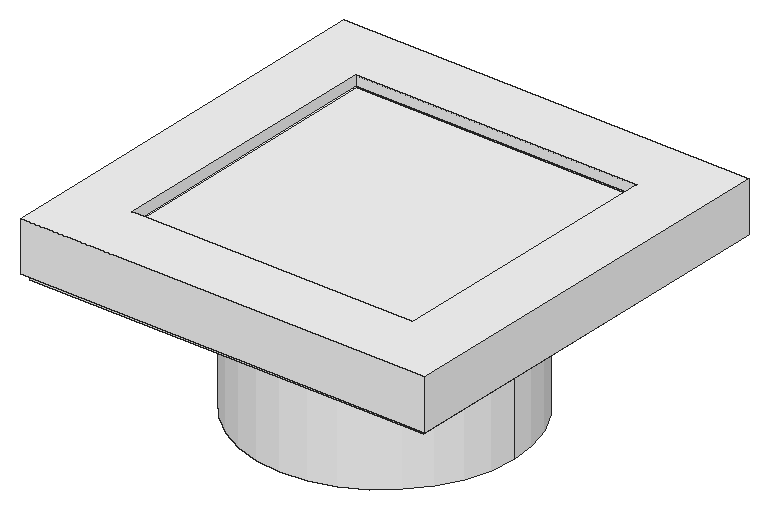
Revit family "Gira_2003600", category Electrical Fixtures, host Face, Revit 2017
Family settings
  Host = Face
  Maintain Annotation Orientation = Yes
  Round Connector Dimension = Use Diameter
  Part Type = Normal
  Cut with Voids When Loaded = No
  Shared = No
  Room Calculation Point = No
Parameters (values of type "PB sens.2 3-g 24 V zero-volt. in.sp. System 55 stainl.steel")
  With room temperature controller = no
  With label area = yes
  With display = no
  With anti-theft/dismantling protection = no
  With IR sensor = no
  White [instance] = White
  URL = "https://www.gira.de/"
  Type Comments = ""
  Transparent = no
  Surface protection = "Lacquered"
  Surface finishing = "Not applicable"
  Number of buttons = 3
  Number of actuation points = 6
  Model = ""
  Material quality = "Sonstige (*de-DE)"
  Material = "Sonstige (*de-DE)"
  Manufacturer = "Gira"
  Keynote = ""
  HeinzeBIM = "https://www.heinze.de/bim/pb-sens-2-3-g-24-v-zero-volt-in-sp-system-55-stainl-steel/c37665e588a4d1d6b732b5195e1232502ac65da8"
  HAN = "2003600"
  GTIN = "4010337020363"
  Description = "PB sens.2 3g 24V z-v in.sp. Sys55 SST Pushbutton sensor 2, 3-gang 24 V zero-voltage with inscription space,Stainless steel Features: Pushbutton sensor 2 for connection to 24 V control systems: - Three rockers with two red LEDs each for status display. - Disassembly safeguard by screw connection. - Backlighting. - Connection of six buttons, six LEDs, and backlighting via the terminal block on the rear.,Notes : - Suitable for SELV circuits only. - Can also be connected with illumination. - Professional labelling with the Gira Inscription Service www.marking.gira.com."
  Default Elevation = 1219.2 mm
  Cost = 0
  Colour = "Stainless steel"
  Bus connection included = no
  BIMSITE_PRODUCT_ID = "c37665e588a4d1d6b732b5195e1232502ac65da8"
  BIM = "https://media.live.bim.site/t/eyJhbGciOiJIUzI1NiIsInR5cCI6IkpXVCJ9.eyJjdCI6MSwidGYiOiJwdWJsaWMvZ2lyYS8wOWY1ZGI1L1N5czU1X0tvbXBsZXR0Z2Vyw6R0X1NjaGFsdGVuIHVuZCBUYXN0ZW4ucmZhIiwiY2lkIjoiZmVkOThlOWEtMWJkOC00YzY4LWE3M2ItNzRhOTRlMzE1ODIzIiwicmlkIjoiZjk3ZjczYmZkMzM0NWE1OTY0MjBkM2FmOWY3MWVhOWYiLCJwaWQiOiJjMzc2NjVlNTg4YTRkMWQ2YjczMmI1MTk1ZTEyMzI1MDJhYzY1ZGE4Iiwic2lkIjoiNjM0NzAiLCJ1dCI6NSwibGMiOiJlbiIsImlhdCI6MTYwNzQzMTc2NiwiaXNzIjoiaHR0cHM6Ly9hcGkubGl2ZS5iaW0uc2l0ZSIsInN1YiI6IjhkM2FhNWNiLWUwNjYtNDU5OC1iZTE2LTZlMTZlZTc0OTU2YSJ9.SWsZ5j8KyAsShiiBd98lD5KUzltuc6X3JwjBg8e39c4/Sys55_Komplettgerät_Schalten und Tasten.rfa"
  Assembly Code = ""
Reference planes
  plane 1 "Center (Front/Back)": y = 0
  plane 2: z = 0
  plane 3 "Center (Left/Right)": x = 0
Forms (mm)
  Extrusion 1, solid, material "White" <- "White", detail levels medium
    sketch origin (0, 0, 0) x (1, 0, 0) y (0, 1, 0)
      loop
        line (-40.4, 40.4) -> (-40.4, -40.4) -> (40.4, -40.4) -> (40.4, 40.4) -> (-40.4, 40.4)
      loop
        line (-28, 28) -> (-28, -28) -> (28, -28) -> (28, 28) -> (-28, 28)
    from 0 to 10
  Extrusion 2, solid, material "White" <- "White", detail levels fine
    sketch origin (0, 0, 0) x (1, 0, 0) y (0, 1, 0)
      loop
        line (-40.4, 40.4) -> (-40.4, -40.4) -> (40.4, -40.4) -> (40.4, 40.4) -> (-40.4, 40.4)
      loop
        line (-28, 28) -> (-28, -28) -> (28, -28) -> (28, 28) -> (-28, 28)
    from 0 to 10
  Extrusion 3, void
    sketch origin (0, 0, 0) x (1, 0, 0) y (0, 1, 0)
      loop
        line (-38.4, 38.4) -> (-38.4, -38.4) -> (38.4, -38.4) -> (38.4, 38.4) -> (-38.4, 38.4)
    from 0 to 8
  Extrusion 4, solid, material "White" <- "White", detail levels medium+fine
    sketch origin (0, 0, 0) x (1, 0, 0) y (0, 1, 0)
      loop
        line (-39.4, 39.4) -> (-39.4, -39.4) -> (39.4, -39.4) -> (39.4, 39.4) -> (-39.4, 39.4)
    from 0 to -1
  Extrusion 5, solid, material "White" <- "White", detail levels medium+fine
    sketch origin (0, 0, 0) x (1, 0, 0) y (0, 1, 0)
      loop
        line (-35.5, 35.5) -> (-35.5, -35.5) -> (35.5, -35.5) -> (35.5, 35.5) -> (-35.5, 35.5)
    from -2 to -3
  Extrusion 6, solid, material "White" <- "White", detail levels medium+fine
    sketch origin (0, 0, 0) x (1, 0, 0) y (0, 1, 0)
      loop
        circle (0, 0) r 26
    from 0 to -27.5
  Extrusion 7, solid, material "White" <- "White", detail levels coarse
    sketch origin (0, 0, 0) x (1, 0, 0) y (0, 1, 0)
      loop
        line (-40.4, 40.4) -> (-40.4, -40.4) -> (40.4, -40.4) -> (40.4, 40.4) -> (-40.4, 40.4)
    from -27.5 to 10
Cuts and joins
  Extrusion 3 cuts Extrusion 2
Dimensions and locks
  aligned and locked: plane 2 to host face
  aligned and locked: level to host face
  aligned and locked: plane 3 "Center (Left/Right)" to nested 2
  aligned and locked: plane 1 "Center (Front/Back)" to nested 2
Nested families
  nested 1: "Sys55_Abdeckung_Schalten und Tasten_floor_base" at (0, 0, 0), type "Sys55_Abdeckung_Schalten und Tasten_floor_base"
  nested 2: "Schalter" at (0, 0, 0), type "Schalter"
Connectors
  electrical at (0, 0, -27.5)
    settings: on Extrusion 6, index 1, voltage 220 V, apparent load 0 VA, apparent load phase1 0 VA, apparent load phase2 0 VA, apparent load phase3 0 VA, power factor 1, load classification "Other", number of poles 1, system type 30, power factor state 1, is connector primary yes, connector utility no, sub classification motor no, connector description ""
Definition of nested family "Sys55_Abdeckung_Schalten und Tasten_floor_base"
  Parameters
    Default Elevation = 1219.2 mm
    White [instance] = none
  Reference planes
    plane 1 "Center (Front/Back)": y = 0
    plane 2: z = 0
    plane 3 "Center (Left/Right)": x = 0
  Forms (mm)
    Extrusion 1, solid
      sketch origin (0, 0, 0) x (1, 0, 0) y (0, 1, 0)
        loop
          line (-1219.2, 1219.2) -> (-1219.2, -1219.2) -> (1219.2, -1219.2) -> (1219.2, 1219.2) -> (-1219.2, 1219.2)
      from 0 to -304.8
    Extrusion 2, solid, material <- "White", detail levels fine
      sketch origin (0, 0, 0) x (1, 0, 0) y (0, 1, 0)
        loop
          line (-27.5, 27.5) -> (-27.5, -27.5) -> (27.5, -27.5) -> (27.5, 27.5) -> (-27.5, 27.5)
      from 0 to 8
    Extrusion 3, void
      sketch origin (0, 0, 0) x (1, 0, 0) y (0, 1, 0)
        loop
          line (26, 26) -> (-26, 26) -> (-26, -26) -> (26, -26) -> (26, 26)
      from 0 to 6
    Extrusion 4, solid, material <- "White", detail levels medium
      sketch origin (0, 0, 0) x (1, 0, 0) y (0, 1, 0)
        loop
          line (-27.5, 27.5) -> (-27.5, -27.5) -> (27.5, -27.5) -> (27.5, 27.5) -> (-27.5, 27.5)
      from 0 to 8
    Extrusion 5, solid, material <- "White", detail levels medium
      sketch origin (0, 0, 0) x (1, 0, 0) y (0, 1, 0)
        loop
          line (11, -17.5) -> (11, 17.5) -> (-11, 17.5) -> (-11, -17.5) -> (11, -17.5)
      from -6 to 6
    Extrusion 6, solid, material <- "White", detail levels fine
      sketch origin (0, 0, 0) x (1, 0, 0) y (0, 1, 0)
        loop
          line (11, 17.5) -> (-11, 17.5) -> (-11, 16.5) -> (11, 16.5) -> (11, 17.5)
        loop
          line (-11, -16.5) -> (-11, -17.5) -> (11, -17.5) -> (11, -16.5) -> (-11, -16.5)
      from -4 to 6
    Extrusion 7, solid, material <- "White", detail levels fine
      sketch origin (0, 0, 0) x (1, 0, 0) y (0, 1, 0)
        loop
          arc (5, 9.347) -> (0, 10.6) -> (-5, 9.347) r 10.6
          line (-5, 9.347) -> (-5, -9.347)
          arc (-5, -9.347) -> (0, -10.6) -> (5, -9.347) r 10.6
          line (5, -9.347) -> (5, 9.347)
      from -6 to 6
    Extrusion 8, solid, material <- "White", detail levels coarse
      sketch origin (0, 0, 0) x (1, 0, 0) y (0, 1, 0)
        loop
          line (-27.5, 27.5) -> (-27.5, -27.5) -> (27.5, -27.5) -> (27.5, 27.5) -> (-27.5, 27.5)
      from -6 to 8
  Cuts and joins
    Extrusion 3 cuts Extrusion 2
  Dimensions and locks
    aligned and locked: plane 2 to Extrusion 1
    aligned and locked: level to Extrusion 1
Definition of nested family "Schalter"
  Reference planes
    plane 1: y = 0
    plane 2: x = 0
  Lines and regions (mm)
    detail lines
      curve 1: circle (1.375, 2.778, 0) r 0.8 normal (0, 0, 1)
      curve 2: line (1.021, 2.061, 0) -> (0, 0, 0)
      curve 3: line (0, 0, 0) -> (-0.538, 0.266, 0)
  Dimensions and locks
    curve 2 to curve 2 = 2.3 mm
    curve 3 to curve 2 = 0.6 mm
    radius of curve 1 = 0.8 mm
